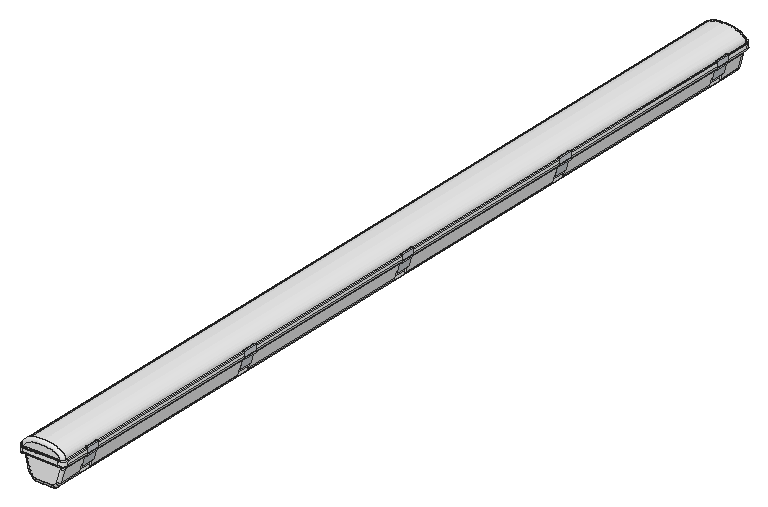
Revit family "0068067", category Lighting Fixtures, host Face, Revit 2017
Family settings
  Host = Face
  Round Connector Dimension = Use Diameter
  Part Type = Normal
  OmniClass Number = 23.80.70.11.14
  OmniClass Title = General Luminaries, Directional
  Cut with Voids When Loaded = No
  Light Source = Yes
  Shared = No
  Room Calculation Point = No
Parameters (values of type "0068067 ST WTRPRF GRP S 1500 IP65 4000LM 840")
  Width = 84 mm
  Weight = "2.3 kg"
  Wattage Comments = "n/a"
  Wattage = 35 W
  WarrantyStartDate [instance] = "n/a"
  WarrantyGuarantorParts = "n/a"
  WarrantyDurationUnit = "n/a"
  WarrantyDurationParts = "n/a"
  WarrantyDescription = "n/a"
  built-in parameter 1150110 = 1 (stored number, unit not read)
  Voltage = 0 V
  URL = "http://www.sylvania-lighting.com"
  TypeName = "START Waterproof GRP Single 1500 IP65 4000lm 840"
  Type Image = <None>
  Type Comments = "n/a"
  built-in parameter 1114217 = 1 (stored number, unit not read)
  Tilt Angle = -90.00°
  built-in parameter 1150109 = 1 (stored number, unit not read)
  built-in parameter 1150134 = 12
  built-in parameter 1150113 = 1 (stored number, unit not read)
  SerialNumber [instance] = "n/a"
  ReflectorMaterial = none
  PowerFactor = 0.95
  PowerConsumption = "35 W"
  Photometric Web File = "0068067.ies"
  NominalWidth = 0 mm
  NominalLength = 1578 mm
  NominalHeight = 75 mm
  Name = "START Waterproof GRP Single 1500 IP65 4000lm 840"
  ModelReference = "START Waterproof GRP Single 1500 IP65 4000lm 840"
  ModelNumber = "0068067"
  Model = "START Waterproof GRP Single 1500 IP65 4000lm 840"
  Material = "composite material housing, pc polycarbonate diffuser"
  ManufacturerName = "Feilo Sylvania"
  Manufacturer = "Feilo Sylvania"
  LuminousEfficacy = "113 lm/W"
  built-in parameter 1150105 = 314.73 (stored number, unit not read)
  Lumens = 3955 lm
  LuminaireType = ""
  built-in parameter 1150115 = 1 (stored number, unit not read)
  LightOutputRatio = "n/a"
  built-in parameter 1150137 = (empty or 0)
  built-in parameter 1150139 = (empty or 0)
  Length = 1572 mm
  LampsType = Lamp  # "LED"
  LampNominalLuminous = "3950 lm"
  LampMacAdamStep = "n/a"
  LampColourTemperature = "4000 K"
  LampColourRenderingIndex = "80"
  built-in parameter 1150112 = 1 (stored number, unit not read)
  built-in parameter 1150114 = 1 (stored number, unit not read)
  Lamp = "LED"
  Keynote = "16500"
  InstallationDate [instance] = "n/a"
  InputVoltage = "n/a"
  InputNominalFrequency = "n/a"
  built-in parameter 1150132 = (empty or 0)
  built-in parameter 1150102 = (empty or 0)
  built-in parameter 1150107 = 4000 (stored number, unit not read)
  built-in parameter 1150138 = (empty or 0)
  IngressProtection = "IP65"
  ImpactProtectionIndex = "IK08"
  built-in parameter 1150106 = 3.1473 (stored number, unit not read)
  IfcExportType = "IfcLightFixtureType"
  IfcExportAs = "IfcLightFixtureType"
  ExpectedLife = 50000
  Emit from Rectangle Width = Width - 20 mm  # 64 mm
  Emit from Rectangle Length = Length - 20 mm  # 1552 mm
  Emit Shape Visible in Rendering = no
  ElectricShockClassification = "Class I"
  built-in parameter 1150104 = 10.498 (stored number, unit not read)
  DurationUnit = "hours"
  DocumentationLiterature = "http://www.sylvania-lighting.com/product/en-int/products/0068067"
  DimmingControlOptions = "n/a"
  Dimming Lamp Color Temperature Shift = <None>
  DiffuserMaterial = Diffuser-Sylvania-Transparent
  Description = "Start Waterproof, integrated LED weatherproof luminaire, with UV stabilized flat diffuser and linear prisms designed to achieve uniform lit appearance, optimise light output and to reduce glare, stainless steel diffuser clips and fixing brackets for surface mounting. Glass Reinforced Plastic housing for robustness, Polycarbonate diffuser, 3950 lm, 35 W, 119 lm/W, 4000 K, drive current 1050 mA, Non dimmable,  CRI80, IP65, IK08, Class I,  nominal average life (h):50000, 1578 mm x 84 mm x 75 mm ,energy class: A++ A+ A, D-mark"
  Default Elevation = 1219.2 mm
  CreatedOn = "10/3/2019"
  CreatedBy = "@sylvania-lighting.com"
  Cost = 0
  Color Filter = 16777215
  built-in parameter 1114216 [instance] = (empty or 0)
  ClassificationValue = "EF_70_80"
  ClassificationName = "Uniclass2015"
  BodyMaterial = Body-Sylvania-Gray
  BarCode [instance] = "n/a"
  built-in parameter 1114218 = 1 (stored number, unit not read)
  built-in parameter 1150133 = 10 (stored number, unit not read)
  AssetType = "Fixed"
  AssetIdentifier [instance] = "n/a"
  Assembly Code = "D5020200"
  Apparent Load = 35 VA
  AccessoryMaterial = Diffuser-Sylvania-Glow
Reference planes
  plane 1 "Center (Front/Back)": y = 0
  plane 2: z = 0
  plane 3 "Center (Left/Right)": x = 0
  plane 4: z = 54
  plane 5: x = -14.7
  plane 6: x = -21.8
  plane 7: x = -26.6
  plane 8: x = -29.2
  plane 9: z = 3
  plane 10: z = 7.8
  plane 11: z = 12.3
  plane 12: z = 36.6
  plane 13: z = 42.8
  plane 14: x = -38.1
  plane 15: z = 46.2
  plane 16: x = -42
  plane 17: y = 786
  plane 18: y = -786
  plane 19: x = 14.7
  plane 20: x = 21.8
  plane 21: x = 26.6
  plane 22: x = 29.2
  plane 23: x = 38.1
  plane 24: x = 42
  plane 25: y = 778.4
  plane 26: y = -778.4
  plane 27: y = -774.7
  plane 28: y = 774.7
  plane 29: z = 74
  plane 30: x = -38.5
  plane 31: x = 38.5
  plane 32: z = 55.2
  plane 33: y = -782.5
  plane 34: y = 782.5
  plane 35: x = -24.5
  plane 36: x = 24.5
  plane 37: x = -35.7
  plane 38: x = 35.7
  plane 39: z = 50.2
  plane 40: z = 24.6
  plane 41: y = -720
  plane 42: y = -734
  plane 43: y = -706
  plane 44: y = 720
  plane 45: y = -720
  plane 46: y = -734
  plane 47: y = -706
  plane 48: y = 720
  plane 49: y = 706
  plane 50: y = 734
  plane 51: y = -360
  plane 52: y = -374
  plane 53: y = -346
  plane 54: y = 0
  plane 55: y = -14
  plane 56: y = 14
  plane 57: y = 360
  plane 58: y = 346
  plane 59: y = 374
Forms (mm)
  Sweep 1, solid, material "Body-Sylvania-Gray" <- "BodyMaterial", detail levels medium+fine
    path origin (1223.4, -4572, 54) x (0, -1, 0) y (1, 0, 0)
      loop
        arc (-3796, -1265.4) -> (-3788.929, -1262.471) -> (-3786, -1255.4) r 10
        line (-3786, -1255.4) -> (-3786, -1191.4)
        arc (-3786, -1191.4) -> (-3788.929, -1184.329) -> (-3796, -1181.4) r 10
        line (-3796, -1181.4) -> (-5348, -1181.4)
        arc (-5348, -1181.4) -> (-5355.071, -1184.329) -> (-5358, -1191.4) r 10
        line (-5358, -1191.4) -> (-5358, -1255.4)
        arc (-5358, -1255.4) -> (-5355.071, -1262.471) -> (-5348, -1265.4) r 10
        line (-5348, -1265.4) -> (-3796, -1265.4)
    profile origin (-42, 0, 54) x (-1, 0, 0) y (0, 0, 1)
      loop
        line (0, 0) -> (-1, 0) -> (-1, -7.726)
        arc (-1, -7.726) -> (-1.994, -9.498) -> (-3.9, -10.2) r 2.937
        line (-3.9, -10.2) -> (-8.571, -10.2) -> (-8.571, -11.2) -> (-3.9, -11.2)
        arc (-3.9, -11.2) -> (-1.313, -10.231) -> (0, -7.8) r 3.937
        line (0, -7.8) -> (0, 0)
  Sweep 2, solid, material "Body-Sylvania-Gray" <- "BodyMaterial", detail levels medium+fine
    path origin (0, 0, 0) x (1, 0, 0) y (0, 0, 1)
      loop
        line (35.7, 42.8) -> (35.7, 36.6) -> (29.203, 12.31)
        arc (29.203, 12.31) -> (28.199, 9.884) -> (26.6, 7.8) r 10.052
        line (26.6, 7.8) -> (21.8, 3)
        arc (21.8, 3) -> (18.554, 0.781) -> (14.7, 0) r 9.902
        line (14.7, 0) -> (0, 0) -> (-14.7, 0)
        arc (-14.7, 0) -> (-18.554, 0.781) -> (-21.8, 3) r 9.902
        line (-21.8, 3) -> (-26.6, 7.8)
        arc (-26.6, 7.8) -> (-28.199, 9.884) -> (-29.203, 12.31) r 10.052
        line (-29.203, 12.31) -> (-35.7, 36.6) -> (-35.7, 42.8)
    profile origin (0, 0, 0) x (0, 0, -1) y (0, -1, 0)
      loop
        arc (0, 773.4) -> (-1.464, 776.936) -> (-5, 778.4) r 5
        line (-5, 778.4) -> (-7.8, 778.4) -> (-7.8, -778.4) -> (-5, -778.4)
        arc (-5, -778.4) -> (-1.464, -776.936) -> (0, -773.4) r 5
        line (0, -773.4) -> (0, 773.4)
  Extrusion 3, solid, material "Body-Sylvania-Gray" <- "BodyMaterial", detail levels medium+fine
    sketch origin (1524, 778.4, 1219.2) x (1, 0, 0) y (0, 0, 1)
      loop
        arc (-1545.668, -1204.874) -> (-1545.443, -1205.418) -> (-1545.085, -1205.885) r 2.252
        line (-1545.085, -1205.885) -> (-1540.231, -1210.738)
        arc (-1540.231, -1210.738) -> (-1539.534, -1211.227) -> (-1538.7, -1211.4) r 2.102
        line (-1538.7, -1211.4) -> (-1509.3, -1211.4)
        arc (-1509.3, -1211.4) -> (-1508.466, -1211.227) -> (-1507.769, -1210.738) r 2.102
        line (-1507.769, -1210.738) -> (-1502.915, -1205.885)
        arc (-1502.915, -1205.885) -> (-1502.557, -1205.418) -> (-1502.332, -1204.874) r 2.252
        line (-1502.332, -1204.874) -> (-1496.1, -1181.575) -> (-1496.1, -1176.4) -> (-1551.9, -1176.4) -> (-1551.9, -1181.575) -> (-1545.668, -1204.874)
    from 0 to 1556.8
  Sweep 4, solid, material "Diffuser-Sylvania-Transparent" <- "DiffuserMaterial", detail levels medium+fine
    path origin (0, 0, 0) x (1, 0, 0) y (0, 0, 1)
      loop
        spline (-38.5, 55.2) -> (-37.188, 60.066) -> (-33.342, 64.6) -> (-27.224, 68.494) -> (-19.25, 71.481) -> (-9.965, 73.359) -> (0, 74) -> (9.965, 73.359) -> (19.25, 71.481) -> (27.224, 68.494) -> (33.342, 64.6) -> (37.188, 60.066) -> (38.5, 55.2)
    profile origin (38.5, 0, 55.2) x (0, -1, 0) y (1, 0, 0)
      loop
        arc (782.5, -5.5) -> (780.889, -1.611) -> (777, 0) r 5.5
        line (777, 0) -> (-777, 0)
        arc (-777, 0) -> (-780.889, -1.611) -> (-782.5, -5.5) r 5.5
        line (-782.5, -5.5) -> (-782.5, -6.3) -> (-781.5, -6.3) -> (-781.5, -5.5)
        arc (-781.5, -5.5) -> (-780.182, -2.318) -> (-777, -1) r 4.5
        line (-777, -1) -> (777, -1)
        arc (777, -1) -> (780.182, -2.318) -> (781.5, -5.5) r 4.5
        line (781.5, -5.5) -> (781.5, -6.347) -> (782.5, -6.347) -> (782.5, -5.5)
  Extrusion 5, solid, material "Diffuser-Sylvania-Transparent" <- "DiffuserMaterial", detail levels medium+fine
    sketch origin (1524, -782.5, 1219.2) x (1, 0, 0) y (0, 0, 1)
      loop
        line (-1556.653, -1164) -> (-1491.347, -1164)
        spline (-1491.347, -1164) -> (-1491.939, -1161.945) -> (-1494.434, -1159.066) -> (-1499.342, -1155.96) -> (-1506.338, -1153.35) -> (-1514.799, -1151.648) -> (-1524, -1151.047) -> (-1533.201, -1151.648) -> (-1541.662, -1153.35) -> (-1548.658, -1155.96) -> (-1553.566, -1159.066) -> (-1556.061, -1161.945) -> (-1556.653, -1164)
    from 0 to -1
  Extrusion 6, solid, material "Diffuser-Sylvania-Transparent" <- "DiffuserMaterial", detail levels medium+fine
    sketch origin (1524, 782.5, 1219.2) x (1, 0, 0) y (0, 0, 1)
      loop
        spline (-1491.3, -1164) -> (-1491.898, -1161.922) -> (-1494.404, -1159.03) -> (-1499.322, -1155.918) -> (-1506.325, -1153.305) -> (-1514.793, -1151.602) -> (-1524, -1151) -> (-1533.207, -1151.602) -> (-1541.675, -1153.305) -> (-1548.678, -1155.918) -> (-1553.596, -1159.03) -> (-1556.102, -1161.922) -> (-1556.7, -1164)
        line (-1556.7, -1164) -> (-1491.3, -1164)
    from 0 to 1
  Extrusion 7, solid, material "Diffuser-Sylvania-Glow" <- "AccessoryMaterial", detail levels fine
    sketch origin (0, 0, 0) x (1, 0, 0) y (0, 0, 1)
      loop
        circle (0, 50.2) r 8
    from -774.7 to 774.7
  Extrusion 8, void
    sketch origin (0, -720, 2343.807) x (0, 0, -1) y (-1, 0, 0)
      loop
        line (2340.807, -24.5) -> (2331.507, -24.5) -> (2319.207, -29.2) -> (2319.207, -35.7) -> (2340.807, -35.7) -> (2340.807, -24.5)
      loop
        line (2340.807, 24.5) -> (2340.807, 35.7) -> (2319.207, 35.7) -> (2319.207, 29.2) -> (2331.507, 24.5) -> (2340.807, 24.5)
    from 14 to -14
  Extrusion 9, void, not visible
    sketch origin (0, -720, 2343.807) x (0, 0, -1) y (-1, 0, 0)
      loop
        line (2340.807, -24.5) -> (2331.507, -24.5) -> (2319.207, -29.2) -> (2319.207, -35.7) -> (2340.807, -35.7) -> (2340.807, -24.5)
      loop
        line (2340.807, 24.5) -> (2340.807, 35.7) -> (2319.207, 35.7) -> (2319.207, 29.2) -> (2331.507, 24.5) -> (2340.807, 24.5)
    from 14 to -14
  Extrusion 10, void
    sketch origin (0, 720, 2343.807) x (0, 0, -1) y (-1, 0, 0)
      loop
        line (2340.807, -24.5) -> (2331.507, -24.5) -> (2319.207, -29.2) -> (2319.207, -35.7) -> (2340.807, -35.7) -> (2340.807, -24.5)
      loop
        line (2340.807, 24.5) -> (2340.807, 35.7) -> (2319.207, 35.7) -> (2319.207, 29.2) -> (2331.507, 24.5) -> (2340.807, 24.5)
    from 14 to -14
  Extrusion 11, void
    sketch origin (0, -360, 2343.807) x (0, 0, -1) y (-1, 0, 0)
      loop
        line (2340.807, -24.5) -> (2331.507, -24.5) -> (2319.207, -29.2) -> (2319.207, -35.7) -> (2340.807, -35.7) -> (2340.807, -24.5)
      loop
        line (2340.807, 24.5) -> (2340.807, 35.7) -> (2319.207, 35.7) -> (2319.207, 29.2) -> (2331.507, 24.5) -> (2340.807, 24.5)
    from 14 to -14
  Extrusion 12, void
    sketch origin (0, 0, 2343.807) x (0, 0, -1) y (-1, 0, 0)
      loop
        line (2340.807, -24.5) -> (2331.507, -24.5) -> (2319.207, -29.2) -> (2319.207, -35.7) -> (2340.807, -35.7) -> (2340.807, -24.5)
      loop
        line (2340.807, 24.5) -> (2340.807, 35.7) -> (2319.207, 35.7) -> (2319.207, 29.2) -> (2331.507, 24.5) -> (2340.807, 24.5)
    from 14 to -14
  Extrusion 13, void
    sketch origin (0, 360, 2343.807) x (0, 0, -1) y (-1, 0, 0)
      loop
        line (2340.807, -24.5) -> (2331.507, -24.5) -> (2319.207, -29.2) -> (2319.207, -35.7) -> (2340.807, -35.7) -> (2340.807, -24.5)
      loop
        line (2340.807, 24.5) -> (2340.807, 35.7) -> (2319.207, 35.7) -> (2319.207, 29.2) -> (2331.507, 24.5) -> (2340.807, 24.5)
    from 14 to -14
  Extrusion 14, solid, material "Diffuser-Sylvania-Transparent" <- "DiffuserMaterial", detail levels medium+fine
    sketch origin (1223.4, -4572, 54) x (0, -1, 0) y (-1, 0, 0)
      loop
        arc (-5348, 1265.4) -> (-5355.071, 1262.471) -> (-5358, 1255.4) r 10
        line (-5358, 1255.4) -> (-5358, 1191.4)
        arc (-5358, 1191.4) -> (-5355.071, 1184.329) -> (-5348, 1181.4) r 10
        line (-5348, 1181.4) -> (-3796, 1181.4)
        arc (-3796, 1181.4) -> (-3788.929, 1184.329) -> (-3786, 1191.4) r 10
        line (-3786, 1191.4) -> (-3786, 1255.4)
        arc (-3786, 1255.4) -> (-3788.929, 1262.471) -> (-3796, 1265.4) r 10
        line (-3796, 1265.4) -> (-5348, 1265.4)
      loop
        arc (-5354.5, 1190.394) -> (-5352.887, 1186.509) -> (-5349, 1184.9) r 5.5
        line (-5349, 1184.9) -> (-3795, 1184.9)
        arc (-3795, 1184.9) -> (-3791.113, 1186.509) -> (-3789.5, 1190.394) r 5.5
        line (-3789.5, 1190.394) -> (-3789.5, 1256.406)
        arc (-3789.5, 1256.406) -> (-3791.113, 1260.291) -> (-3795, 1261.9) r 5.5
        line (-3795, 1261.9) -> (-5349, 1261.9)
        arc (-5349, 1261.9) -> (-5352.887, 1260.291) -> (-5354.5, 1256.406) r 5.5
        line (-5354.5, 1256.406) -> (-5354.5, 1190.394)
    from 0 to -1.2
  Extrusion 15, solid, material "Body-Sylvania-Gray" <- "BodyMaterial", detail levels coarse
    sketch origin (0, 0, 0) x (1, 0, 0) y (0, 0, 1)
      loop
        line (-42, 55.2) -> (-42, 42.8) -> (-26.6, 0) -> (26.6, 0) -> (42, 42.8) -> (42, 55.2) -> (-42, 55.2)
    from -786 to 786
  Extrusion 16, solid, material "Diffuser-Sylvania-Transparent" <- "DiffuserMaterial", detail levels coarse
    sketch origin (0, 0, 0) x (1, 0, 0) y (0, 0, 1)
      loop
        line (-38.5, 55.2) -> (38.5, 55.2)
        arc (38.5, 55.2) -> (0, 74) -> (-38.5, 55.2) r 48.822
    from -778.4 to 778.4
Cuts and joins
  Extrusion 8, Extrusion 10, Extrusion 11, Extrusion 12, Extrusion 13 cuts Sweep 2
  Extrusion 8, Extrusion 10, Extrusion 11, Extrusion 12, Extrusion 13 cuts Extrusion 3
  joined: Sweep 2, Extrusion 3
  joined: Sweep 4, Extrusion 5, Extrusion 6, Extrusion 14
Dimensions and locks
  locked: plane 4 to plane 2 at 54
  plane 5 to plane 6 to plane 7 to plane 8 to plane 14 to plane 16 = 7.1 mm locked, 4.8 mm locked, 2.6 mm locked, 8.9 mm locked, 3.9 mm locked
  plane 4 to plane 15 to plane 13 to plane 12 to plane 11 to plane 10 to plane 9 = 7.8 mm locked, 3.4 mm, 6.2 mm locked, 24.3 mm locked, 4.5 mm locked, 4.8 mm locked
  equal spacing: plane 18, plane 1 "Center (Front/Back)", plane 17
  "Length": plane 18 to plane 17
  plane 19 to plane 20 to plane 21 to plane 22 to plane 23 to plane 24 = 7.1 mm locked, 4.8 mm locked, 2.6 mm locked, 8.9 mm, 3.9 mm
  equal spacing: plane 24, plane 3 "Center (Left/Right)", plane 16
  "Width": plane 24 to plane 16
  equal spacing: plane 27, plane 1 "Center (Front/Back)", plane 28
  locked: plane 26 to plane 27 at 3.7
  locked: Sweep 1 sketch curve to profile plane at 1
  locked: Sweep 1 sketch curve to plane 13 at 1
  locked: Sweep 1 sketch curve to plane 13 at 3.937  (x2)
  locked: Sweep 1 sketch curve to profile plane at 3.9  (x2)
  plane 29 to plane 4 = 20 mm
  equal spacing: plane 31, plane 3 "Center (Left/Right)", plane 30
  locked: plane 30 to plane 16 at 3.5
  locked: plane 32 to plane 4 at 1.2
  equal spacing: plane 33, plane 1 "Center (Front/Back)", plane 34
  equal spacing: plane 36, plane 3 "Center (Left/Right)", plane 35
  locked: plane 34 to plane 17 at 3.5
  equal spacing: plane 38, plane 3 "Center (Left/Right)", plane 37
  locked: plane 37 to plane 16 at 6.3
  equal spacing: plane 25, plane 1 "Center (Front/Back)", plane 26
  locked: plane 17 to plane 25 at 7.6
  locked: Sweep 2 sketch curve to plane 2 at 5  (x2)
  locked: Sweep 2 sketch curve to plane 26 at 5
  locked: plane 25 to Sweep 2 sketch curve at 5
  locked: Sweep 4 sketch curve to plane 31 at 5.5  (x2)
  locked: Sweep 4 sketch curve to plane 34 at 5.5
  plane 33 to Sweep 4 sketch curve = 5.5 mm
  locked: plane 34 to Sweep 4 sketch curve at 1
  locked: Sweep 4 sketch curve to plane 31 at 1
  locked: Sweep 4 sketch curve to Sweep 4 sketch curve at 1
  locked: Sweep 4 sketch curve to plane 31 at 6.347
  locked: Sweep 4 sketch curve to plane 31 at 6.3
  locked: plane 40 to plane 2 at 24.6
  locked: plane 6 to plane 35 at 2.7
  locked: plane 1 "Center (Front/Back)" to plane 41 at 720
  plane 43 to plane 41 to plane 42 = 14 mm locked, 14 mm locked
  locked: plane 44 to plane 1 "Center (Front/Back)" at 720
  plane 47 to plane 45 to plane 46 = 14 mm locked, 14 mm locked
  plane 50 to plane 48 to plane 49 = 14 mm locked, 14 mm locked  (x2)
  equal spacing: group 1, group 6, group 7, group 8, group 5  (x3)
  plane 53 to plane 51 to plane 52 = 14 mm locked, 14 mm locked  (x2)
  plane 56 to plane 54 to plane 55 = 14 mm locked, 14 mm locked  (x2)
  plane 59 to plane 57 to plane 58 = 14 mm locked, 14 mm locked  (x2)
  plane 48 to plane 57 to plane 1 "Center (Front/Back)" to plane 51 to plane 41 = 360 mm locked, 360 mm locked, 360 mm locked, 360 mm locked
  aligned and locked: plane 2 to host face
  aligned and locked: level to host face
  aligned and locked: plane 16 to Sweep 1 sketch curve
  aligned and locked: Sweep 1 sketch curve to plane 24
  aligned and locked: plane 18 to Sweep 1 sketch curve
  aligned and locked: Sweep 1 sketch curve to plane 13
  aligned and locked: profile plane to Sweep 1 sketch curve
  aligned and locked: plane 3 "Center (Left/Right)" to Sweep 2 sketch curve
  aligned and locked: plane 9 to Sweep 2 sketch curve
  aligned and locked: plane 10 to Sweep 2 sketch curve
  aligned and locked: plane 37 to Sweep 2 sketch curve
  aligned and locked: plane 12 to Sweep 2 sketch curve
  aligned and locked: Sweep 2 sketch curve to level
  aligned and locked: plane 21 to Sweep 2 sketch curve
  aligned and locked: plane 38 to Sweep 2 sketch curve
  aligned and locked: profile plane to Sweep 2 sketch curve
  aligned and locked: plane 25 to Sweep 2 sketch curve
  aligned and locked: Sweep 2 sketch curve to plane 10
  aligned and locked: Extrusion 3 sketch curve to Sweep 2  (x7)
  aligned and locked: Sweep 2 to Extrusion 3 sketch curve
  aligned and locked: Extrusion 3 to plane 25
  aligned and locked: plane 26 to Extrusion 3
  aligned and locked: plane 32 to Sweep 4 sketch curve
  aligned and locked: plane 33 to Sweep 4 sketch curve
  aligned and locked: Sweep 4 to Extrusion 5
  aligned and locked: plane 33 to Extrusion 5
  aligned and locked: plane 39 to Extrusion 7 sketch curve
  aligned and locked: plane 27 to Extrusion 7
  aligned and locked: Extrusion 7 to plane 28
  aligned and locked: Extrusion 6 sketch curve to Sweep 4
  aligned and locked: Extrusion 5 sketch curve to Sweep 4
  aligned and locked: Extrusion 8 to plane 43
  aligned and locked: plane 42 to Extrusion 8
  aligned and locked: Extrusion 10 to plane 50
  aligned and locked: plane 49 to Extrusion 10
  aligned and locked: Extrusion 11 to plane 53
  aligned and locked: plane 52 to Extrusion 11
  aligned and locked: Extrusion 12 to plane 56
  aligned and locked: plane 55 to Extrusion 12
  aligned and locked: Extrusion 13 to plane 59
  aligned and locked: plane 58 to Extrusion 13
  aligned and locked: plane 3 "Center (Left/Right)" to Extrusion 7 sketch curve
  aligned and locked: Extrusion 14 sketch curve to Sweep 1  (x4)
  aligned and locked: Extrusion 14 to plane 32
  aligned and locked: plane 4 to Extrusion 14
  aligned and locked: plane 48 to nested 1
  aligned and locked: plane 57 to nested 2
  aligned and locked: plane 54 to nested 3
  aligned and locked: nested 4 to plane 51
  aligned and locked: nested 5 to plane 41
  aligned and locked: plane 41 to nested 10
  aligned and locked: plane 51 to nested 9
  aligned and locked: plane 54 to nested 8
  aligned and locked: plane 57 to nested 7
  aligned and locked: plane 48 to nested 6
  aligned and locked: plane 1 "Center (Front/Back)" to imposter light
  aligned and locked: plane 3 "Center (Left/Right)" to imposter light
  aligned and locked: imposter light to plane 29
  aligned and locked: plane 7 to Extrusion 15 sketch curve
  aligned and locked: plane 2 to Extrusion 15 sketch curve
  aligned and locked: Extrusion 15 sketch curve to nested 6
  aligned and locked: Extrusion 15 sketch curve to nested 1
  aligned and locked: plane 18 to Extrusion 15
  aligned and locked: Extrusion 15 to plane 17
  aligned and locked: Extrusion 15 to Sweep 1  (x2)
  aligned and locked: plane 30 to Extrusion 16 sketch curve
  aligned and locked: plane 31 to Extrusion 16 sketch curve
  aligned and locked: Extrusion 16 sketch curve to cut or joined group of Sweep 4, Extrusion 5, Extrusion 6, Extrusion 14
  aligned and locked: Extrusion 16 to plane 25
  aligned and locked: plane 26 to Extrusion 16
Automatic sketch dimensions
  host sketch curve to host sketch curve = 2438.4 mm  (x2)
  plane 17 to Sweep 1 sketch curve = 0 mm
  Sweep 1 sketch curve to plane 28 = 1.3 mm
  Sweep 1 sketch curve to plane 7 = 5.4 mm
  plane 27 to Sweep 1 sketch curve = 1.3 mm  (x2)
  Sweep 1 sketch curve to Sweep 1 sketch curve = 4.671 mm
  Sweep 1 sketch curve to plane 4 = 0 mm
  Sweep 2 sketch curve to plane 7 = 0 mm
  Sweep 2 sketch curve to plane 6 = 0 mm
  Sweep 2 sketch curve to plane 5 = 0 mm
  plane 19 to Sweep 2 sketch curve = 0 mm
  Sweep 2 sketch curve to plane 9 = 0 mm
  plane 20 to Sweep 2 sketch curve = 0 mm
  Sweep 2 sketch curve to plane 12 = 0 mm
  Sweep 2 sketch curve to plane 10 = 0 mm
  Sweep 2 sketch curve to plane 13 = 0 mm  (x2)
  Sweep 2 sketch curve to plane 8 = 0.003 mm
  plane 6 to Sweep 2 sketch curve = 2.308 mm
  plane 20 to Sweep 2 sketch curve = 2.308 mm
  Sweep 2 sketch curve to plane 22 = 0.003 mm
  Sweep 2 sketch curve to plane 11 = 0.01 mm  (x2)
  Extrusion 3 sketch curve to plane 5 = 0 mm
  plane 19 to Extrusion 3 sketch curve = 0 mm
  plane 6 to Extrusion 3 sketch curve = 0.132 mm
  plane 6 to Extrusion 3 sketch curve = 0.715 mm
  Extrusion 3 sketch curve to Extrusion 3 sketch curve = 1.592 mm
  Extrusion 3 sketch curve to plane 10 = 0.662 mm  (x2)
  plane 20 to Extrusion 3 sketch curve = 2.308 mm
  plane 20 to Extrusion 3 sketch curve = 0.715 mm
  plane 20 to Extrusion 3 sketch curve = 0.132 mm
  Sweep 4 sketch curve to plane 30 = 0 mm
  Sweep 4 sketch curve to plane 3 "Center (Left/Right)" = 0 mm
  Sweep 4 sketch curve to Sweep 4 sketch curve = 0 mm  (x2)
  plane 37 to Extrusion 6 sketch curve = 3 mm
  Extrusion 6 sketch curve to plane 38 = 3 mm
  plane 37 to Extrusion 5 sketch curve = 3.047 mm
  Extrusion 5 sketch curve to plane 38 = 3.047 mm
  Extrusion 8 sketch curve to Extrusion 8 sketch curve = 0 mm
  Extrusion 8 sketch curve to Extrusion 8 sketch curve = 12.3 mm  (x2)
  Extrusion 8 sketch curve to Extrusion 8 sketch curve = 9.3 mm  (x2)
  Extrusion 8 sketch curve to Extrusion 8 sketch curve = 6.5 mm  (x2)
  Extrusion 8 sketch curve to Extrusion 8 sketch curve = 4.7 mm  (x2)
  Extrusion 8 sketch curve to Extrusion 8 sketch curve = 49 mm
  Extrusion 9 sketch curve to Extrusion 9 sketch curve = 0 mm
  Extrusion 9 sketch curve to Extrusion 9 sketch curve = 12.3 mm  (x2)
  Extrusion 9 sketch curve to Extrusion 9 sketch curve = 9.3 mm  (x2)
  Extrusion 9 sketch curve to Extrusion 9 sketch curve = 6.5 mm  (x2)
  Extrusion 9 sketch curve to Extrusion 9 sketch curve = 4.7 mm  (x2)
  Extrusion 9 sketch curve to Extrusion 9 sketch curve = 49 mm
  Extrusion 10 sketch curve to Extrusion 10 sketch curve = 0 mm
  Extrusion 10 sketch curve to Extrusion 10 sketch curve = 12.3 mm  (x2)
  Extrusion 10 sketch curve to Extrusion 10 sketch curve = 9.3 mm  (x2)
  Extrusion 10 sketch curve to Extrusion 10 sketch curve = 6.5 mm  (x2)
  Extrusion 10 sketch curve to Extrusion 10 sketch curve = 4.7 mm  (x2)
  Extrusion 10 sketch curve to Extrusion 10 sketch curve = 49 mm
  Extrusion 11 sketch curve to Extrusion 11 sketch curve = 0 mm
  Extrusion 11 sketch curve to Extrusion 11 sketch curve = 12.3 mm  (x2)
  Extrusion 11 sketch curve to Extrusion 11 sketch curve = 9.3 mm  (x2)
  Extrusion 11 sketch curve to Extrusion 11 sketch curve = 6.5 mm  (x2)
  Extrusion 11 sketch curve to Extrusion 11 sketch curve = 4.7 mm  (x2)
  Extrusion 11 sketch curve to Extrusion 11 sketch curve = 49 mm
  Extrusion 12 sketch curve to Extrusion 12 sketch curve = 0 mm
  Extrusion 12 sketch curve to Extrusion 12 sketch curve = 12.3 mm  (x2)
  Extrusion 12 sketch curve to Extrusion 12 sketch curve = 9.3 mm  (x2)
  Extrusion 12 sketch curve to Extrusion 12 sketch curve = 6.5 mm  (x2)
  Extrusion 12 sketch curve to Extrusion 12 sketch curve = 4.7 mm  (x2)
  Extrusion 12 sketch curve to Extrusion 12 sketch curve = 49 mm
  Extrusion 13 sketch curve to Extrusion 13 sketch curve = 0 mm
  Extrusion 13 sketch curve to Extrusion 13 sketch curve = 12.3 mm  (x2)
  Extrusion 13 sketch curve to Extrusion 13 sketch curve = 9.3 mm  (x2)
  Extrusion 13 sketch curve to Extrusion 13 sketch curve = 6.5 mm  (x2)
  Extrusion 13 sketch curve to Extrusion 13 sketch curve = 4.7 mm  (x2)
  Extrusion 13 sketch curve to Extrusion 13 sketch curve = 49 mm
  Extrusion 14 sketch curve to plane 34 = 0 mm
  plane 30 to Extrusion 14 sketch curve = 0 mm
  Extrusion 14 sketch curve to plane 31 = 0 mm
  plane 33 to Extrusion 14 sketch curve = 0 mm
  plane 25 to Extrusion 14 sketch curve = 1.4 mm  (x4)
  Extrusion 14 sketch curve to plane 26 = 1.4 mm  (x4)
  plane 37 to Extrusion 14 sketch curve = 2.694 mm  (x2)
  Extrusion 14 sketch curve to plane 38 = 2.694 mm  (x2)
  plane 21 to Extrusion 15 sketch curve = 0 mm
  Extrusion 15 sketch curve to plane 13 = 0 mm  (x2)
  Extrusion 15 sketch curve to plane 32 = 0 mm
  Extrusion 16 sketch curve to plane 40 = 0.578 mm
  radius of Extrusion 7 sketch curve = 8 mm
Nested families
  nested 1: "Clip" at (-29.2, 720, 24.6) x (-1, 0, 0) z (0, 0, 1), type "Clip", detail levels fine
  nested 2: "Clip" at (-29.2, 360, 24.6) x (-1, 0, 0) z (0, 0, 1), type "Clip", detail levels fine
  nested 3: "Clip" at (-29.2, 0, 24.6) x (-1, 0, 0) z (0, 0, 1), type "Clip", detail levels fine
  nested 4: "Clip" at (-29.2, -360, 24.6) x (-1, 0, 0) z (0, 0, 1), type "Clip", detail levels fine
  nested 5: "Clip" at (-29.2, -720, 24.6) x (-1, 0, 0) z (0, 0, 1), type "Clip", detail levels fine
  nested 6: "Clip" at (29.2, 720, 24.6), type "Clip", detail levels fine
  nested 7: "Clip" at (29.2, 360, 24.6), type "Clip", detail levels fine
  nested 8: "Clip" at (29.2, 0, 24.6), type "Clip", detail levels fine
  nested 9: "Clip" at (29.2, -360, 24.6), type "Clip", detail levels fine
  nested 10: "Clip" at (29.2, -720, 24.6), type "Clip", detail levels fine
Connectors
  electrical at (0, 0, 0), driven by "Apparent Load"
    settings: index 1, voltage 230 V, apparent load 35 VA, apparent load phase1 0 VA, apparent load phase2 0 VA, apparent load phase3 0 VA, power factor 0, load classification "Lighting", number of poles 1, system type 30, power factor state 1, is connector primary yes, connector utility no, sub classification motor no, connector description ""
Definition of nested family "Clip"
  Parameters (values of type "Clip")
    URL = "http://www.feilosylvania.com"
    Type Comments = "n/a"
    Model = "n/a"
    Manufacturer = "Feilo Sylvania"
    Keynote = "n/a"
    Description = "n/a"
    Default Elevation = 1219.2 mm
    Cost = 0
    BodyMaterial = none
    Assembly Code = "n/a"
  Reference planes
    plane 1 "Center (Front/Back)": y = 0
    plane 2: z = 0
    plane 3 "Center (Left/Right)": x = 0
    plane 4: x = 3.3
    plane 5: x = 6.5
    plane 6: x = 8.9
    plane 7: x = 12.8
    plane 8: z = 12
    plane 9: z = 18.2
    plane 10: z = 21.6
    plane 11: z = 30.6
    plane 12: x = 9.3
    plane 13: z = 19.2
    plane 14: z = 16.2
    plane 15: x = 10.1
    plane 16: y = 12
    plane 17: y = -12
  Forms (mm)
    Extrusion 1, solid
      sketch origin (-0.8, 0, 0) x (1, 0, 0) y (0, 1, 0)
        loop
          line (-1219.2, 1219.2) -> (-1219.2, -1219.2) -> (1219.2, -1219.2) -> (1219.2, 1219.2) -> (-1219.2, 1219.2)
      from 0 to -304.8
    Extrusion 2, solid
      sketch origin (0, 0, 0) x (1, 0, 0) y (0, 0, 1)
        loop
          line (8.9, 16.2) -> (4.58, 0) -> (0, 0) -> (0, -0.8) -> (5.195, -0.8) -> (9.603, 15.731) -> (13.6, 18.806) -> (13.6, 30.6)
          arc (13.6, 30.6) -> (11.45, 32.75) -> (9.3, 30.6) r 2.15
          line (9.3, 30.6) -> (10.1, 30.6)
          arc (10.1, 30.6) -> (11.45, 31.95) -> (12.8, 30.6) r 1.35
          line (12.8, 30.6) -> (12.8, 19.2) -> (8.9, 16.2)
      from -12 to 12
  Lines and regions (mm)
    reference lines
      curve 1: line (3.3, 0, 0) -> (6.5, 0, 12)
      curve 2: arc (8.9, 0, 18.2) -> (11.488, 0, 19.169) -> (12.8, 0, 21.6) r 3.934
  Dimensions and locks
    plane 7 to plane 6 to plane 5 to plane 4 to plane 3 "Center (Left/Right)" = 3.9 mm locked, 2.4 mm locked, 3.2 mm locked, 3.3 mm locked
    plane 11 to plane 10 to plane 9 to plane 8 to plane 2 = 9 mm locked, 3.4 mm locked, 6.2 mm locked, 12 mm locked
    locked: plane 7 to plane 12 at 3.5
    locked: plane 13 to plane 9 at 1
    locked: plane 9 to plane 14 at 2
    locked: plane 15 to plane 12 at 0.8
    locked: plane 2 to Extrusion 2 sketch curve at 0.8
    locked: Extrusion 2 sketch curve to Extrusion 2 sketch curve at 0.8  (x3)
    locked: plane 7 to Extrusion 2 sketch curve at 1.35
    equal spacing: plane 17, plane 1 "Center (Front/Back)", plane 16
    locked: plane 1 "Center (Front/Back)" to plane 16 at 12
    aligned and locked: plane 2 to Extrusion 1
    aligned and locked: level to Extrusion 1
    aligned and locked: plane 4 to curve 1
    aligned and locked: plane 5 to curve 1
    aligned and locked: plane 6 to curve 2
    aligned and locked: plane 10 to curve 2
    aligned and locked: plane 14 to Extrusion 2 sketch curve
    aligned and locked: plane 13 to Extrusion 2 sketch curve
    aligned and locked: plane 7 to Extrusion 2 sketch curve
    aligned and locked: plane 3 "Center (Left/Right)" to Extrusion 2 sketch curve
    aligned and locked: Extrusion 2 sketch curve to level
    aligned and locked: Extrusion 2 sketch curve to plane 11
    aligned and locked: plane 11 to Extrusion 2 sketch curve
    aligned and locked: Extrusion 2 to plane 16
    aligned and locked: plane 17 to Extrusion 2
  Automatic sketch dimensions
    Extrusion 1 sketch curve to Extrusion 1 sketch curve = 2438.4 mm  (x2)
    curve 2 to plane 7 = 0 mm
    curve 1 to level = 0 mm
    curve 1 to plane 8 = 0 mm
    curve 2 to plane 9 = 0 mm
    plane 6 to curve 2 = 0.002 mm
    Extrusion 2 sketch curve to Extrusion 2 sketch curve = 0 mm
    Extrusion 2 sketch curve to plane 6 = 0 mm
    plane 4 to Extrusion 2 sketch curve = 1.28 mm
